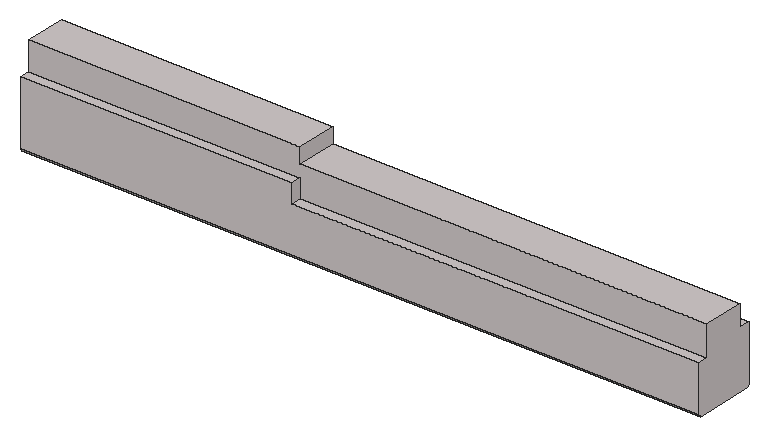
Revit family "034100 - Precast Structural Concrete - Inverted Tee - Stepped Beam", category Structural Framing, Revit 2019
Family settings
  Display in Hidden Views = Edges Hidden by Other Members
  Structural Framing Length Roundoff = 0' - 0 1/16"
  Section Shape = Not Defined
  Material for Model Behavior = Precast Concrete
  Always export as geometry = No
  Always vertical = Yes
  Cut with Voids When Loaded = No
  Symbolic Representation = From Family
  Shared = No
  Show family pre-cut in plan views = Yes
Parameters (values of type "IT 24WX32D / IT24WX38D T(11"F & 14"B SHELF) & S(12"F & 8"B SHELF)")
  tall beam - depth = 3' - 1"
  short beam - depth = 2' - 7"
  shelf - tall beam - front shelf = 0' - 11"
  shelf - tall beam - back shelf = 1' - 2"
  shelf - short beam - front shelf = 1' - 0"
  shelf - short beam - back shelf = 0' - 8"
  gap - front/back = 0' - 1"
  Structural Material [instance] = PRECAST INVERTED TEE
  Shelf Width - Front = 0' - 4"
  Shelf Width - Back = 0' - 4"
  OD_Attribution = "xcengineering.xyz, diocingenieria.com, openingdesign.com"
  Long. B Zone [instance] = 13' - 2 1/2"
  BeamChange [instance] = 8' - 0"  # constant formula
  Beam Width = 2' - 0"
  Assembly Code = ""
  Length [instance] = 22' - 8.04912"
Types (5): name | short beam - depth | shelf - tall beam - back shelf | shelf - short beam - front shelf | shelf - short beam - back shelf | Beam Width
  IT 24WX32D / IT24WX38D T(11"F & 14"B SHELF) & S(12"F & 8"B SHELF) | 2' - 7" | 1' - 2" | 1' - 0" | 0' - 8" | 2' - 0"
  IT 24WX32D / IT24WX38D T(11"F & 11"B SHELF) &  S(12"F & 12"B SHELF) | 2' - 7" | 0' - 11" | 1' - 0" | 1' - 0" | 2' - 0"
  IT 24WX36D T(11"F & 11"B SHELF) & S(11"F & 18"B SHELF) | 3' - 1" | 0' - 11" | 0' - 11" | 1' - 6" | 2' - 4"
  IT 28WX32D / IT28WX38D T(11"F & 14"B SHELF) & T(12"F & 8"B SHELF) | 2' - 7" | 1' - 2" | 1' - 0" | 0' - 8" | 2' - 4"
  IT 28WX32D / IT28WX38D T(11"F & 11"B SHELF) & S(12"F & 12"B SHELF) | 2' - 7" | 0' - 11" | 1' - 0" | 1' - 0" | 2' - 4"
Reference planes (in)
  plane 1 "Centro (Frontal/Posterior)": y = 0
  plane 2: z = 0
  plane 3 "Centro (Izquierda/Derecha)": x = 0
  plane 4 "Izquierda de elemento": x = -249.7979
  plane 5 "Derecha de elemento": x = 14.37671
  plane 6 "Izquierda": x = -253.73491
  plane 7 "Derecha": x = 18.31421
  plane 8: y = -12
  plane 9: y = 12
  plane 10: z = -18.5
  plane 11: y = -8
  plane 12: y = 8
  plane 13: z = -17.7126
  plane 14: y = -11.2126
  plane 15: y = 11.2126
  plane 16: x = -144.12329
  plane 17 "t.o. tall beam": z = 18.5
  plane 18 "shelf - tall beam - front shelf": z = 7.5
  plane 19 "shelf - tall beam - back shelf": z = 4.5
  plane 20 "shelf - short beam - front shelf": z = 0.5
  plane 21 "shelf - short beam - back shelf": z = 4.5
  plane 22 "t.o. short beam": z = 12.5
  plane 23: y = -13
  plane 24: y = 13
Forms (in)
  Sweep 1, solid, material "PRECAST INVERTED TEE" <- "Structural Material"
    path origin (0, 14.72441, 0) x (1, 0, 0) y (0, 1, 0)
      loop
        line (-249.7979, -14.72441) -> (-144.12329, -14.72441)
    profile origin (-196.96059, 0, 0) x (0, 1, 0) y (0, 0, 1)
      loop
        line (-8, 18.5) -> (-8, 7.5) -> (-12, 7.5) -> (-12, -17.7126) -> (-11.2126, -18.5) -> (11.2126, -18.5) -> (12, -17.7126) -> (12, 4.5) -> (8, 4.5) -> (8, 18.5) -> (-8, 18.5)
  Sweep 2, solid, material "PRECAST INVERTED TEE" <- "Structural Material"
    path origin (0, 0, 0) x (1, 0, 0) y (0, 1, 0)
      loop
        line (-144.12329, 0) -> (14.37671, 0)
    profile origin (-64.87329, 0, 0) x (0, 1, 0) y (0, 0, 1)
      loop
        line (-11.2126, -18.5) -> (11.2126, -18.5) -> (12, -17.7126) -> (12, 4.5) -> (8, 4.5) -> (8, 12.5) -> (-8, 12.5) -> (-8, 0.5) -> (-12, 0.5) -> (-12, -17.7126) -> (-11.2126, -18.5)
Cuts and joins
  joined: Sweep 1, Sweep 2
Dimensions and locks (in)
  "Length": plane 6 "Izquierda" to plane 7 "Derecha"
  locked: level to plane 2 at 0
  equal spacing: plane 9, plane 1 "Centro (Frontal/Posterior)", plane 8
  "Beam Width": plane 9 to plane 8
  level to plane 10 = 1' - 6 1/2"
  "Shelf Width - Front": plane 8 to plane 11
  "Shelf Width - Back": plane 12 to plane 9
  locked: plane 13 to plane 10 at 0.7874
  locked: plane 8 to plane 14 at 0.7874
  locked: plane 15 to plane 9 at 0.7874
  "Long. B Zone": plane 16 to plane 5 "Derecha de elemento"
  cut or joined group of Sweep 1, Sweep 2 to plane 10 = 1' - 11"
  "tall beam - depth": plane 17 "t.o. tall beam" to plane 10
  equal spacing: plane 17 "t.o. tall beam", level, plane 10
  "shelf - tall beam - back shelf": plane 17 "t.o. tall beam" to plane 19 "shelf - tall beam - back shelf"
  "shelf - tall beam - front shelf": plane 17 "t.o. tall beam" to plane 18 "shelf - tall beam - front shelf"
  "short beam - depth": plane 22 "t.o. short beam" to plane 10
  "shelf - short beam - front shelf": plane 22 "t.o. short beam" to plane 20 "shelf - short beam - front shelf"
  "shelf - short beam - back shelf": plane 22 "t.o. short beam" to plane 21 "shelf - short beam - back shelf"
  "gap - front/back": plane 9 to plane 24
  "gap - front/back": plane 23 to plane 8
  aligned and locked: Sweep 1 sketch curve to plane 1 "Centro (Frontal/Posterior)"
  aligned and locked: plane 4 "Izquierda de elemento" to Sweep 1 sketch curve
  aligned and locked: plane 11 to Sweep 1 sketch curve
  aligned and locked: Sweep 1 sketch curve to plane 12
  aligned and locked: Sweep 1 sketch curve to plane 8
  aligned and locked: plane 9 to Sweep 1 sketch curve
  aligned and locked: plane 10 to Sweep 1 sketch curve
  aligned and locked: Sweep 1 sketch curve to Sweep 1 sketch curve  (x2)
  aligned and locked: plane 13 to Sweep 1 sketch curve
  aligned and locked: plane 16 to Sweep 1 sketch curve
  aligned and locked: plane 16 to Sweep 2 sketch curve
  aligned and locked: plane 5 "Derecha de elemento" to Sweep 2 sketch curve
  aligned and locked: plane 8 to Sweep 2 sketch curve
  aligned and locked: Sweep 2 sketch curve to plane 9
  aligned and locked: Sweep 2 sketch curve to plane 10
  aligned and locked: cut or joined group of Sweep 1, Sweep 2 to plane 11  (x2)
  aligned and locked: plane 12 to cut or joined group of Sweep 1, Sweep 2  (x2)
  aligned and locked: cut or joined group of Sweep 1, Sweep 2 to plane 9
  aligned and locked: plane 8 to cut or joined group of Sweep 1, Sweep 2
  aligned and locked: cut or joined group of Sweep 1, Sweep 2 to plane 10
  aligned and locked: Sweep 2 sketch curve to plane 11
  aligned and locked: plane 12 to Sweep 2 sketch curve
  aligned and locked: Sweep 1 sketch curve to plane 17 "t.o. tall beam"
  aligned and locked: Sweep 1 sketch curve to plane 19 "shelf - tall beam - back shelf"
  aligned and locked: Sweep 1 sketch curve to plane 18 "shelf - tall beam - front shelf"
  aligned and locked: plane 22 "t.o. short beam" to Sweep 2 sketch curve
  aligned and locked: plane 21 "shelf - short beam - back shelf" to Sweep 2 sketch curve
  aligned and locked: plane 20 "shelf - short beam - front shelf" to Sweep 2 sketch curve
Automatic sketch dimensions
  Sweep 1 sketch curve to plane 14 = 0' - 0"
  Sweep 1 sketch curve to plane 15 = 0' - 0"
  Sweep 1 sketch curve to plane 13 = 0' - 0"
  plane 15 to Sweep 1 sketch curve = 0' - 3.2126"
  plane 1 "Centro (Frontal/Posterior)" to Sweep 2 sketch curve = 0' - 0"
  Sweep 2 sketch curve to Sweep 2 sketch curve = 0' - 0.7874"  (x4)
